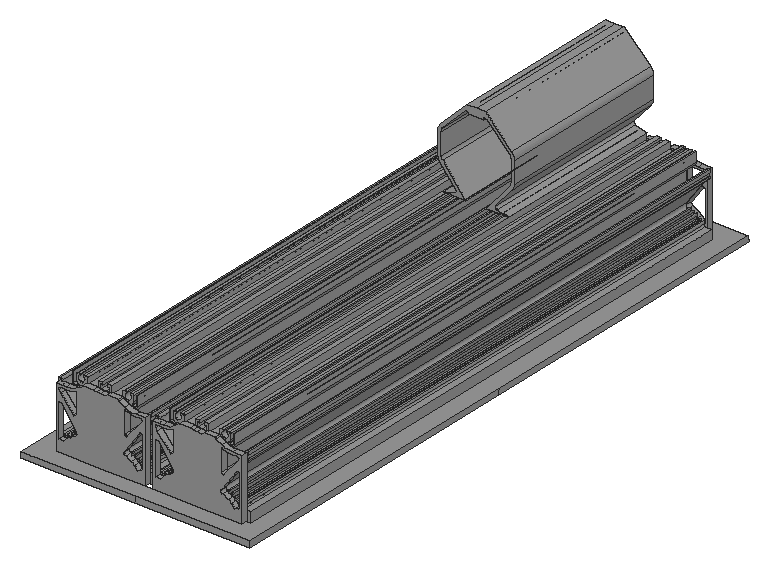
Revit family "L-street 48 Standart", category Осветительные приборы, Revit 2017 (continued)
Types (5, lengths in mm): name | built-in parameter 1150134 | Файл фотометрической сетки | built-in parameter 1150105 | Lumens | built-in parameter 1150106 | built-in parameter 1150142 | Wattage | built-in parameter 1150107 | Артикул
  L-street 48 Standart 5.0K Ш8 | 2 | "L-street 48-76-LLI8-5.0K-01 Standart.ies" | 672.51 (stored number, unit not read) | 8451 lm | 6.7251 (stored number, unit not read) | "IESNA:LM-63-1995\r\n[TEST]LEDEL\r\n[DATA]28.11.2018\r\n[MANUFAC]LEDEL\r\n[LUMCAT]L-street 48/65/Ш8/5.0К/01 Standart\r\n[LUMINAIRE]Для освещения городских улиц, придомовых территорий, парков и пр\r\n[LAMPCAT]LED\r\n[LAMP]OSRAM OSLON SQUARE\r\nTILT=NONE\r\n\r\n1 8451 1 73 145 1 2 0.533 0.164 0.148\r\n1 1 65\r\n0 2.5 5 7.5 10 12.5 15 17.5 20 22.5 25 27.5 30 32.5 35 37.5 40 42.5 45 47.5 50 52.5 55 57.5 60 62.5 65 67.5 70 72.5 75 77.5 80 82.5\r\n 85 87.5 90 92.5 95 97.5 100 102.5 105 107.5 110 112.5 115 117.5 120 122.5 125 127.5 130 132.5 135 137.5 140 142.5 145 147.5 150 \r\n152.5 155 157.5 160 162.5 165 167.5 170 172.5 175 177.5 180\r\n0 2.5 5 7.5 10 12.5 15 17.5 20 22.5 25 27.5 30 32.5 35 37.5 40 42.5 45 47.5 50 52.5 55 57.5 60 62.5 65 67.5 70 72.5 75 77.5 80 82.5\r\n 85 87.5 90 92.5 95 97.5 100 102.5 105 107.5 110 112.5 115 117.5 120 122.5 125 127.5 130 132.5 135 137.5 140 142.5 145 147.5 150 \r\n152.5 155 157.5 160 162.5 165 167.5 170 172.5 175 177.5 180 182.5 185 187.5 190 192.5 195 197.5 200 202.5 205 207.5 210 212.5 215 \r\n217.5 220 222.5 225 227.5 230 232.5 235 237.5 240 242.5 245 247.5 250 252.5 255 257.5 260 262.5 265 267.5 270 272.5 275 277.5 280 \r\n282.5 285 287.5 290 292.5 295 297.5 300 302.5 305 307.5 310 312.5 315 317.5 320 322.5 325 327.5 330 332.5 335 337.5 340 342.5 345 \r\n347.5 350 352.5 355 357.5 360\r\n2431.019 2502.573 2502.573 2510.50 2532.015 2560.325 2589.767 2621.474 2654.313 2686.02 2718.859 2747.168 2769.816 2787.934 \r\n2791.331 2789.067 2786.802 2785.669 2780.008 2768.684 2752.83 2736.977 2712.064 2674.696 2627.135 2569.384 2439.159 2173.049 \r\n1712.168 796.067 243.463 109.841 121.165 138.151 137.019 126.827 101.915 0.00 0.00 0.00 0.00 0.00 0.00 0.00 0.00 0.00 0.00 0.00 \r\n0.00 0.00 0.00 0.00 0.00 0.00 0.00 0.00 0.00 0.00 0.00 0.00 0.00 0.00 0.00 0.00 0.00 0.00 0.00 0.00 0.00 0.00 0.00 0.00 0.00\r\n2431.019 2506.537 2516.162 2530.883 2554.097 2582.407 2612.981 2643.556 2672.997 2699.042 2724.521 2744.337 2755.661 2764.72 \r\n2765.287 2763.022 2761.89 2761.889 2757.36 2748.301 2731.315 2710.366 2686.02 2650.35 2576.178 2409.718 2072.266 1558.73 999.897 \r\n471.073 182.881 109.275 107.011 108.143 98.518 83.231 67.377 0.00 0.00 0.00 0.00 0.00 0.00 0.00 0.00 0.00 0.00 0.00 0.00 0.00 0.00 \r\n0.00 0.00 0.00 0.00 0.00 0.00 0.00 0.00 0.00 0.00 0.00 0.00 0.00 0.00 0.00 0.00 0.00 0.00 0.00 0.00 0.00 0.00\r\n2431.019 2510.50 2529.75 2551.266 2576.178 2604.488 2636.195 2665.637 2691.681 2712.064 2730.183 2741.506 2741.506 2741.506 \r\n2739.242 2736.977 2736.977 2738.109 2734.712 2727.918 2709.80 2683.755 2659.975 2626.003 2525.221 2250.051 1705.373 944.41 287.626 \r\n146.078 122.298 108.709 92.856 78.135 60.016 39.634 32.839 0.00 0.00 0.00 0.00 0.00 0.00 0.00 0.00 0.00 0.00 0.00 0.00 0.00 0.00 \r\n0.00 0.00 0.00 0.00 0.00 0.00 0.00 0.00 0.00 0.00 0.00 0.00 0.00 0.00 0.00 0.00 0.00 0.00 0.00 0.00 0.00 0.00\r\n2431.019 2503.14 2517.86 2535.979 2556.928 2580.708 2607.885 2631.665 2652.614 2668.468 2682.057 2688.284 2684.887 2682.622 \r\n2678.659 2675.828 2675.828 2677.527 2679.792 2677.527 2665.637 2650.35 2642.423 2626.569 2538.81 2257.978 1688.954 906.475 266.677 \r\n142.681 120.033 105.312 91.157 75.304 56.619 37.935 32.839 0.00 0.00 0.00 0.00 0.00 0.00 0.00 0.00 0.00 0.00 0.00 0.00 0.00 0.00 \r\n0.00 0.00 0.00 0.00 0.00 0.00 0.00 0.00 0.00 0.00 0.00 0.00 0.00 0.00 0.00 0.00 0.00 0.00 0.00 0.00 0.00 0.00\r\n2431.019 2495.779 2505.97 2520.691 2537.677 2556.928 2579.575 2597.693 2613.547 2624.871 2633.93 2635.062 2628.268 2623.738 \r\n2618.076 2614.679 2614.679 2616.944 2624.871 2627.135 2621.474 2616.944 2624.871 2627.135 2552.398 2265.904 1672.534 868.54 245.728\r\n 139.283 117.768 101.915 89.458 72.473 53.222 36.236 32.839 0.00 0.00 0.00 0.00 0.00 0.00 0.00 0.00 0.00 0.00 0.00 0.00 0.00 0.00 \r\n0.00 0.00 0.00 0.00 0.00 0.00 0.00 0.00 0.00 0.00 0.00 0.00 0.00 0.00 0.00 0.00 0.00 0.00 0.00 0.00 0.00 0.00\r\n2431.019 2486.154 2493.514 2503.706 2515.596 2530.883 2548.435 2560.891 2571.649 2579.009 2583.539 2581.274 2571.083 2562.023 \r\n2552.398 2547.302 2547.869 2554.097 2567.119 2575.046 2579.576 2587.502 2606.753 2607.319 2508.235 2179.277 1553.634 770.589 \r\n222.514 133.622 113.239 97.952 85.495 69.642 51.524 35.67 32.273 0.00 0.00 0.00 0.00 0.00 0.00 0.00 0.00 0.00 0.00 0.00 0.00 0.00 \r\n0.00 0.00 0.00 0.00 0.00 0.00 0.00 0.00 0.00 0.00 0.00 0.00 0.00 0.00 0.00 0.00 0.00 0.00 0.00 0.00 0.00 0.00 0.00\r\n2431.019 2476.528 2481.058 2486.72 2493.514 2504.838 2517.294 2524.088 2529.75 2533.147 2533.147 2527.485 2513.897 2500.308 2486.72\r\n 2479.925 2481.058 2491.249 2509.367 2522.956 2537.677 2558.06 2588.634 2587.502 2464.072 2092.649 1434.733 672.637 199.30 127.96 \r\n108.709 93.988 81.532 66.811 49.825 35.104 31.707 0.00 0.00 0.00 0.00 0.00 0.00 0.00 0.00 0.00 0.00 0.00 0.00 0.00 0.00 0.00 0.00 \r\n0.00 0.00 0.00 0.00 0.00 0.00 0.00 0.00 0.00 0.00 0.00 0.00 0.00 0.00 0.00 0.00 0.00 0.00 0.00 0.00\r\n2431.019 2469.734 2469.168 2471.433 2473.697 2480.492 2487.286 2488.984 2488.418 2487.286 2482.756 2473.131 2455.013 2435.196 \r\n2417.645 2409.151 2410.284 2421.608 2440.292 2459.543 2478.227 2496.911 2510.50 2478.793 2308.935 1899.578 1255.25 583.745 190.241 \r\n123.431 103.614 89.459 77.569 64.546 49.259 35.104 31.707 0.00 0.00 0.00 0.00 0.00 0.00 0.00 0.00 0.00 0.00 0.00 0.00 0.00 0.00 \r\n0.00 0.00 0.00 0.00 0.00 0.00 0.00 0.00 0.00 0.00 0.00 0.00 0.00 0.00 0.00 0.00 0.00 0.00 0.00 0.00 0.00 0.00\r\n2431.019 2462.939 2457.278 2456.145 2453.88 2456.145 2457.278 2453.88 2447.086 2441.424 2432.365 2418.776 2396.129 2370.084 \r\n2348.569 2338.377 2339.509 2351.966 2371.216 2396.129 2418.776 2435.762 2432.365 2370.084 2153.798 1706.506 1075.767 494.853 \r\n181.182 118.901 98.518 84.929 73.605 62.281 48.693 35.104 31.707 0.00 0.00 0.00 0.00 0.00 0.00 0.00 0.00 0.00 0.00 0.00 0.00 0.00 \r\n0.00 0.00 0.00 0.00 0.00 0.00 0.00 0.00 0.00 0.00 0.00 0.00 0.00 0.00 0.00 0.00 0.00 0.00 0.00 0.00 0.00 0.00 0.00\r\n2431.019 2454.447 2445.388 2440.858 2434.63 2431.233 2427.27 2419.909 2408.019 2396.695 2383.673 2364.988 2337.245 2307.803 \r\n2283.457 2268.169 2264.206 2270.434 2282.89 2295.913 2302.141 2293.082 2250.617 2141.342 1901.276 1484.558 927.991 438.80 182.881 \r\n117.202 95.121 82.098 71.341 60.583 45.862 33.972 31.707 0.00 0.00 0.00 0.00 0.00 0.00 0.00 0.00 0.00 0.00 0.00 0.00 0.00 0.00 0.00\r\n 0.00 0.00 0.00 0.00 0.00 0.00 0.00 0.00 0.00 0.00 0.00 0.00 0.00 0.00 0.00 0.00 0.00 0.00 0.00 0.00 0.00\r\n2431.019 2445.954 2433.497 2425.571 2415.379 2406.32 2397.261 2385.937 2368.951 2351.966 2334.98 2311.20 2278.361 2245.521 2218.344\r\n 2197.961 2188.902 2188.902 2194.564 2195.696 2185.505 2150.401 2068.869 1912.60 1648.754 1262.61 780.214 382.746 184.579 115.503 \r\n91.723 79.267 69.076 58.884 43.031 32.839 31.707 0.00 0.00 0.00 0.00 0.00 0.00 0.00 0.00 0.00 0.00 0.00 0.00 0.00 0.00 0.00 0.00 \r\n0.00 0.00 0.00 0.00 0.00 0.00 0.00 0.00 0.00 0.00 0.00 0.00 0.00 0.00 0.00 0.00 0.00 0.00 0.00 0.00\r\n2431.019 2436.329 2421.041 2408.019 2392.732 2379.143 2364.988 2349.135 2328.752 2306.671 2282.324 2252.882 2217.778 2179.843 \r\n2148.136 2121.525 2102.275 2086.988 2069.436 2039.427 1986.771 1897.879 1761.993 1574.017 1318.664 988.007 614.886 319.333 167.027 \r\n107.011 86.628 74.172 64.546 53.789 40.766 32.273 30.575 0.00 0.00 0.00 0.00 0.00 0.00 0.00 0.00 0.00 0.00 0.00 0.00 0.00 0.00 0.00\r\n 0.00 0.00 0.00 0.00 0.00 0.00 0.00 0.00 0.00 0.00 0.00 0.00 0.00 0.00 0.00 0.00 0.00 0.00 0.00 0.00 0.00\r\n2431.019 2426.703 2408.585 2390.467 2370.084 2351.966 2332.715 2312.332 2288.552 2261.375 2229.668 2194.564 2157.195 2114.165 \r\n2077.928 2045.089 2015.647 1985.073 1944.307 1883.158 1788.037 1645.357 1455.116 1235.433 988.573 713.403 449.557 255.919 149.475 \r\n98.518 81.532 69.076 60.016 48.693 38.501 31.707 29.442 0.00 0.00 0.00 0.00 0.00 0.00 0.00 0.00 0.00 0.00 0.00 0.00 0.00 0.00 0.00 \r\n0.00 0.00 0.00 0.00 0.00 0.00 0.00 0.00 0.00 0.00 0.00 0.00 0.00 0.00 0.00 0.00 0.00 0.00 0.00 0.00 0.00\r\n2431.019 2418.777 2397.261 2375.746 2350.267 2326.487 2303.273 2278.361 2251.184 2219.477 2183.24 2144.739 2105.106 2058.678 \r\n2012.816 1967.521 1921.093 1870.702 1805.024 1712.168 1582.509 1418.88 1236.566 1043.494 839.664 634.703 433.138 253.088 144.379 \r\n96.253 78.701 66.245 56.619 46.994 36.803 30.575 28.876 0.00 0.00 0.00 0.00 0.00 0.00 0.00 0.00 0.00 0.00 0.00 0.00 0.00 0.00 0.00 \r\n0.00 0.00 0.00 0.00 0.00 0.00 0.00 0.00 0.00 0.00 0.00 0.00 0.00 0.00 0.00 0.00 0.00 0.00 0.00 0.00 0.00\r\n2431.019 2410.85 2385.937 2361.025 2330.45 2301.008 2273.831 2244.389 2213.815 2177.578 2136.812 2094.914 2053.016 2003.191 \r\n1947.704 1889.952 1826.539 1756.331 1665.74 1541.177 1376.981 1192.402 1018.015 851.554 690.755 556.002 416.718 250.257 139.283 \r\n93.988 75.87 63.414 53.222 45.295 35.104 29.442 28.31 0.00 0.00 0.00 0.00 0.00 0.00 0.00 0.00 0.00 0.00 0.00 0.00 0.00 0.00 0.00 \r\n0.00 0.00 0.00 0.00 0.00 0.00 0.00 0.00 0.00 0.00 0.00 0.00 0.00 0.00 0.00 0.00 0.00 0.00 0.00 0.00 0.00\r\n2431.019 2403.49 2375.746 2346.304 2312.332 2279.493 2248.919 2216.646 2182.108 2143.041 2100.576 2055.847 2009.985 1954.499 \r\n1891.085 1822.009 1748.404 1662.909 1552.502 1406.423 1232.602 1058.781 897.416 746.809 618.849 527.692 418.983 261.015 139.283 \r\n93.422 74.172 61.715 52.656 44.163 35.104 29.442 27.178 0.00 0.00 0.00 0.00 0.00 0.00 0.00 0.00 0.00 0.00 0.00 0.00 0.00 0.00 0.00 \r\n0.00 0.00 0.00 0.00 0.00 0.00 0.00 0.00 0.00 0.00 0.00 0.00 0.00 0.00 0.00 0.00 0.00 0.00 0.00 0.00 0.00\r\n2431.019 2396.129 2365.554 2331.583 2294.214 2257.978 2224.006 2188.902 2150.401 2108.503 2064.34 2016.779 1966.954 1905.806 \r\n1834.465 1754.066 1670.269 1569.487 1439.263 1271.669 1088.223 925.159 776.817 642.063 546.942 499.382 421.248 271.773 139.283 \r\n92.856 72.473 60.016 52.09 43.031 35.104 29.442 26.045 0.00 0.00 0.00 0.00 0.00 0.00 0.00 0.00 0.00 0.00 0.00 0.00 0.00 0.00 0.00 \r\n0.00 0.00 0.00 0.00 0.00 0.00 0.00 0.00 0.00 0.00 0.00 0.00 0.00 0.00 0.00 0.00 0.00 0.00 0.00 0.00 0.00\r\n2431.019 2390.467 2355.363 2317.994 2276.662 2236.463 2198.528 2161.159 2119.827 2076.23 2029.802 1978.845 1923.924 1855.981 \r\n1775.015 1685.557 1593.267 1480.595 1332.253 1157.865 986.875 836.833 698.116 576.951 504.478 475.036 413.321 285.362 154.571 \r\n94.555 71.907 59.45 50.958 42.465 33.972 27.744 26.045 0.00 0.00 0.00 0.00 0.00 0.00 0.00 0.00 0.00 0.00 0.00 0.00 0.00 0.00 0.00 \r\n0.00 0.00 0.00 0.00 0.00 0.00 0.00 0.00 0.00 0.00 0.00 0.00 0.00 0.00 0.00 0.00 0.00 0.00 0.00 0.00 0.00\r\n2431.019 2384.805 2345.171 2304.405 2259.11 2214.947 2173.049 2133.415 2089.252 2043.957 1995.264 1940.91 1880.893 1806.156 \r\n1715.565 1617.047 1516.265 1391.702 1225.242 1044.06 885.526 748.507 619.415 511.838 462.013 450.69 405.394 298.95 169.858 96.253 \r\n71.34 58.884 49.825 41.898 32.839 26.045 26.045 0.00 0.00 0.00 0.00 0.00 0.00 0.00 0.00 0.00 0.00 0.00 0.00 0.00 0.00 0.00 0.00 \r\n0.00 0.00 0.00 0.00 0.00 0.00 0.00 0.00 0.00 0.00 0.00 0.00 0.00 0.00 0.00 0.00 0.00 0.00 0.00 0.00\r\n2431.019 2375.18 2331.017 2285.721 2238.161 2191.733 2148.137 2105.106 2058.112 2010.552 1958.462 1899.578 1831.635 1750.103 \r\n1653.85 1546.839 1430.204 1284.692 1112.57 944.41 798.899 669.806 553.171 467.675 429.74 413.321 364.628 274.038 168.16 96.819 \r\n68.509 55.487 46.428 38.501 31.707 26.045 25.479 0.00 0.00 0.00 0.00 0.00 0.00 0.00 0.00 0.00 0.00 0.00 0.00 0.00 0.00 0.00 0.00 \r\n0.00 0.00 0.00 0.00 0.00 0.00 0.00 0.00 0.00 0.00 0.00 0.00 0.00 0.00 0.00 0.00 0.00 0.00 0.00 0.00\r\n2431.019 2365.554 2316.862 2267.037 2217.212 2168.519 2123.224 2076.796 2026.971 1977.146 1921.659 1858.245 1782.376 1694.049 \r\n1592.135 1476.631 1344.142 1177.681 999.897 844.76 712.271 591.105 486.926 423.512 397.467 375.952 323.862 249.125 166.461 97.385 \r\n65.678 52.09 43.031 35.104 30.574 26.045 24.912 0.00 0.00 0.00 0.00 0.00 0.00 0.00 0.00 0.00 0.00 0.00 0.00 0.00 0.00 0.00 0.00 \r\n0.00 0.00 0.00 0.00 0.00 0.00 0.00 0.00 0.00 0.00 0.00 0.00 0.00 0.00 0.00 0.00 0.00 0.00 0.00 0.00\r\n2431.019 2357.062 2304.406 2252.316 2199.66 2150.401 2102.841 2055.281 2004.323 1952.80 1893.916 1824.84 1743.309 1649.886 1544.009\r\n 1422.843 1276.765 1105.209 935.917 790.406 663.012 548.075 452.955 397.468 371.423 345.944 296.685 232.139 162.498 100.783 66.811 \r\n50.392 41.333 33.972 30.008 25.479 24.912 0.00 0.00 0.00 0.00 0.00 0.00 0.00 0.00 0.00 0.00 0.00 0.00 0.00 0.00 0.00 0.00 0.00 0.00\r\n 0.00 0.00 0.00 0.00 0.00 0.00 0.00 0.00 0.00 0.00 0.00 0.00 0.00 0.00 0.00 0.00 0.00 0.00\r\n2431.019 2348.569 2291.949 2237.595 2182.108 2132.283 2082.458 2033.765 1981.675 1928.453 1866.172 1791.435 1704.241 1605.723 \r\n1495.882 1369.055 1209.388 1032.736 871.937 736.051 613.753 505.044 418.983 371.423 345.378 315.936 269.508 215.153 158.534 104.18 \r\n67.943 48.693 39.634 32.839 29.442 24.912 24.912 0.00 0.00 0.00 0.00 0.00 0.00 0.00 0.00 0.00 0.00 0.00 0.00 0.00 0.00 0.00 0.00 \r\n0.00 0.00 0.00 0.00 0.00 0.00 0.00 0.00 0.00 0.00 0.00 0.00 0.00 0.00 0.00 0.00 0.00 0.00 0.00 0.00\r\n2431.019 2343.473 2283.456 2225.705 2168.519 2116.996 2066.605 2016.213 1962.991 1906.372 1841.26 1762.559 1671.968 1571.752 \r\n1457.381 1316.965 1149.372 978.948 828.907 698.682 580.348 477.301 398.034 353.871 324.995 292.722 250.258 201.565 152.872 104.18 \r\n69.076 48.693 37.935 32.273 27.744 24.912 24.912 0.00 0.00 0.00 0.00 0.00 0.00 0.00 0.00 0.00 0.00 0.00 0.00 0.00 0.00 0.00 0.00 \r\n0.00 0.00 0.00 0.00 0.00 0.00 0.00 0.00 0.00 0.00 0.00 0.00 0.00 0.00 0.00 0.00 0.00 0.00 0.00 0.00\r\n2431.019 2338.377 2274.963 2213.815 2154.93 2101.708 2050.751 1998.661 1944.307 1884.29 1816.347 1733.683 1639.695 1537.78 1418.88 \r\n1264.875 1089.355 925.159 785.876 661.313 546.942 449.557 377.085 336.319 304.612 269.508 231.007 187.976 147.21 104.18 70.208 \r\n48.693 36.236 31.707 26.045 24.912 24.912 0.00 0.00 0.00 0.00 0.00 0.00 0.00 0.00 0.00 0.00 0.00 0.00 0.00 0.00 0.00 0.00 0.00 0.00\r\n 0.00 0.00 0.00 0.00 0.00 0.00 0.00 0.00 0.00 0.00 0.00 0.00 0.00 0.00 0.00 0.00 0.00 0.00\r\n2431.019 2337.811 2271.566 2208.719 2148.136 2093.216 2042.258 1989.602 1934.682 1874.099 1804.457 1720.095 1626.673 1530.42 \r\n1412.086 1249.022 1068.972 909.306 775.119 654.519 542.979 443.329 372.555 334.054 302.914 267.243 229.309 190.241 152.306 111.541 \r\n77.003 53.789 39.067 32.273 27.178 24.912 24.912 0.00 0.00 0.00 0.00 0.00 0.00 0.00 0.00 0.00 0.00 0.00 0.00 0.00 0.00 0.00 0.00 \r\n0.00 0.00 0.00 0.00 0.00 0.00 0.00 0.00 0.00 0.00 0.00 0.00 0.00 0.00 0.00 0.00 0.00 0.00 0.00 0.00\r\n2431.019 2337.245 2268.169 2203.623 2141.342 2084.723 2033.765 1980.543 1925.056 1863.907 1792.567 1706.506 1613.65 1523.059 \r\n1405.291 1233.168 1048.589 893.453 764.361 647.725 539.016 437.101 368.025 331.789 301.215 264.978 227.61 192.506 157.402 118.901 \r\n83.797 58.884 41.898 32.839 28.31 24.912 24.912 0.00 0.00 0.00 0.00 0.00 0.00 0.00 0.00 0.00 0.00 0.00 0.00 0.00 0.00 0.00 0.00 \r\n0.00 0.00 0.00 0.00 0.00 0.00 0.00 0.00 0.00 0.00 0.00 0.00 0.00 0.00 0.00 0.00 0.00 0.00 0.00 0.00\r\n2431.019 2320.825 2251.75 2184.939 2122.658 2067.737 2015.081 1960.16 1901.842 1837.296 1763.691 1678.763 1588.738 1492.485 \r\n1355.466 1173.152 995.367 848.724 724.161 609.224 504.478 412.755 353.871 320.465 286.494 249.125 210.058 172.123 137.019 103.614 \r\n75.87 54.921 39.067 31.141 26.611 23.78 23.78 0.00 0.00 0.00 0.00 0.00 0.00 0.00 0.00 0.00 0.00 0.00 0.00 0.00 0.00 0.00 0.00 0.00 \r\n0.00 0.00 0.00 0.00 0.00 0.00 0.00 0.00 0.00 0.00 0.00 0.00 0.00 0.00 0.00 0.00 0.00 0.00 0.00\r\n2431.019 2304.405 2235.33 2166.254 2103.973 2050.751 1996.396 1939.777 1878.628 1810.685 1734.815 1651.019 1563.825 1461.91 \r\n1305.641 1113.135 942.145 803.994 683.961 570.723 469.94 388.408 339.716 309.141 271.773 233.272 192.506 151.74 116.636 88.326 \r\n67.943 50.957 36.236 29.442 24.912 22.648 22.648 0.00 0.00 0.00 0.00 0.00 0.00 0.00 0.00 0.00 0.00 0.00 0.00 0.00 0.00 0.00 0.00 \r\n0.00 0.00 0.00 0.00 0.00 0.00 0.00 0.00 0.00 0.00 0.00 0.00 0.00 0.00 0.00 0.00 
